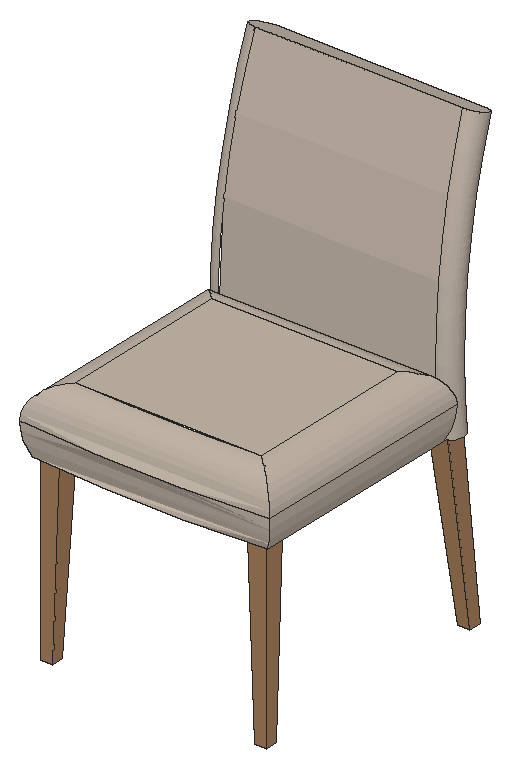
Revit family "Furniture_Chair_PALM BEACH 1.0", category Furniture, Revit 2020
Family settings
  OmniClass Number = 23.21.23.15.17
  Work Plane-Based = Yes
  Always vertical = No
  Cut with Voids When Loaded = No
  Shared = No
  Room Calculation Point = No
Parameters (values of type "PALM BEACH 1.0")
  Youtube clip = ""
  Uniformat II Description = "Movable Furnishings"
  Uniformat II Code = ""
  Uniclass 2015 Name = ""
  Uniclass 2015 Code = ""
  Uniclass 2.0 Description = ""
  Uniclass 2.0 Code = ""
  Uniclass 1.4 Description = ""
  Uniclass 1.4 Code = ""
  UNSPSC Code = ""
  Technical description = ""
  Shell Material = Fabric - Gravity - Wheat CPC21
  Frame Material = Wood - Beech - Light Walnut
  Region South America = "All"
  Region Oceania = "All"
  Region North America = "All"
  Region Middle East = "All"
  Region Europe = "All"
  Region Asia = "All"
  Region Antarctica = "All"
  Region Africa = "All"
  QR code = "https://www.sandlerseating.com/product/palm-beach-1-0/"
  Product url = "https://www.sandlerseating.com/product/palm-beach-1-0/"
  Product name = "PALM BEACH 1.0"
  Product group = "Chair"
  Product family = "Furniture"
  Product data url = "https://www.sandlerseating.com/product/palm-beach-1-0/"
  Product certification = ""
  Product SKU = "??"
  Product Guid = "??"
  OmniClass Description = ""
  OmniClass Code = "23-21 23 15 17"
  NBS Reference Description = ""
  NBS Reference Code = ""
  Model = "PALM BEACH 1.0"
  Masterformat 2014 Description = "Chair Mats"
  Masterformat 2014 Code = "12 48 43.13"
  Manufacturer name = "Sandler"
  Manufacturer country = "USA"
  Manufacturer = "Sandler"
  Installation instructions = ""
  IFC Classification = "Furnishing Element"
  GTIN code = ""
  Edition number = 1
  Design country = "Brasil"
  Description = "Chair"
  Default Elevation = 0.000 mm
  Date of publishing = ""
  COBIe Type Category = ""
  Brand url = "https://www.sandlerseating.com/"
  BIMobject main category code = "furniture"
  BIMobject main category = "Furniture"
  BIMobject category code = "furniture-chair"
  BIMobject category = "Chair"
Reference planes
  plane 1 "Center Front/Back": y = 0
  plane 2: z = 0
  plane 3 "Center Left/Right": x = 0
Forms (mm)
  SweptBlend 1, solid, material "Fabric - Gravity - Wheat CPC21" <- "Shell Material"
    path origin (0.021, 12.403, 0) x (0, 1, 0) y (0, 0, 1)
      loop
        arc (318.429, 896.679) -> (247.467, 629.178) -> (238.058, 352.583) r 1230.984
    profile origin (0.021, 330.832, 896.679) x (0, 0.931619, -0.363437) y (1, 0, 0)
      loop
        line (20.402, -204.626) -> (20.402, 207.874)
        arc (20.402, 207.874) -> (-7.098, 235.374) -> (-34.598, 207.874) r 27.5
        line (-34.598, 207.874) -> (-34.598, -204.626)
        arc (-34.598, -204.626) -> (-7.098, -232.126) -> (20.402, -204.626) r 27.5
    end profile origin (0.021, 250.46, 352.583) x (0, 0.996909, 0.078564) y (1, 0, 0)
      loop
        line (25.645, -219.109) -> (25.645, 221.86)
        arc (25.645, 221.86) -> (-0.624, 248.13) -> (-26.894, 221.86) r 26.27
        line (-26.894, 221.86) -> (-26.894, -219.109)
        arc (-26.894, -219.109) -> (-0.624, -245.379) -> (25.645, -219.109) r 26.27
  Extrusion 2, solid, material "Fabric - Gravity - Wheat CPC21" <- "Shell Material"
    sketch origin (0.021, 12.403, 840) x (-1, 0, 0) y (0, -1, 0)
      loop
        line (248.589, -218.746) -> (248.589, 242.183)
        arc (248.589, 242.183) -> (0.023, 254.709) -> (-248.589, 243.132) r 2569.886
        line (-248.589, 243.132) -> (-248.589, -218.746) -> (248.589, -218.746)
    from -479.2 to -350.103
  Sweep 3, void
    path in 3D
      loop
        line (-248.569, -229.781, 489.897) -> (-248.569, 231.149, 489.897) -> (248.61, 231.149, 489.897) -> (248.61, -230.73, 489.897)
        arc (248.61, -230.73, 489.897) -> (-0.002, -242.307, 489.897) -> (-248.569, -229.781, 489.897) r 2569.886
    profile origin (-0.002, -242.307, 489.897) x (-0.001909, -0.999998, 0) y (0, 0, 1)
      loop
        arc (-64.548, 0) -> (-18.906, -18.906) -> (0, -64.548) r 64.548
        arc (0, -64.548) -> (-3.774, -97.671) -> (-14.902, -129.096) r 147.246
        line (-14.902, -129.096) -> (25.452, -129.096) -> (25.452, 0) -> (-64.548, 0)
  Blend 4, solid, material "Wood - Beech - Light Walnut" <- "Frame Material"
    base sketch origin (11.479, 25.171, 840) x (-1, 0, 0) y (0, -1, 0)
      loop
        line (235.546, 195.254) -> (235.546, 234.079) -> (197.379, 234.079) -> (197.379, 195.254) -> (235.546, 195.254)
    top sketch origin (11.479, 25.171, 840) x (-1, 0, 0) y (0, -1, 0)
      loop
        line (212.008, 210.203) -> (235.546, 210.203) -> (235.546, 234.079) -> (212.008, 234.079) -> (212.008, 210.203)
    from -479.2 to -840
  Blend 5, solid, material "Wood - Beech - Light Walnut" <- "Frame Material"
    base sketch origin (-11.438, 25.171, 840) x (1, 0, 0) y (0, 1, 0)
      loop
        line (235.546, -195.254) -> (197.379, -195.254) -> (197.379, -234.079) -> (235.546, -234.079) -> (235.546, -195.254)
    top sketch origin (-11.438, 25.171, 840) x (1, 0, 0) y (0, 1, 0)
      loop
        line (212.008, -210.203) -> (212.008, -234.079) -> (235.546, -234.079) -> (235.546, -210.203) -> (212.008, -210.203)
    from -479.2 to -840
  Blend 6, solid, material "Wood - Beech - Light Walnut" <- "Frame Material"
    base sketch origin (0.021, 12.403, 840) x (-1, 0, 0) y (0, -1, 0)
      loop
        line (197.378, -213.052) -> (197.378, -251.878) -> (235.545, -251.878) -> (235.545, -213.052) -> (197.378, -213.052)
    top sketch origin (0.021, 12.403, 840) x (-1, 0, 0) y (0, -1, 0)
      loop
        line (235.545, -291.791) -> (235.545, -268.262) -> (211.722, -268.262) -> (211.722, -291.791) -> (235.545, -291.791)
    from -478.581 to -840
  Blend 7, solid, material "Wood - Beech - Light Walnut" <- "Frame Material"
    base sketch origin (0.021, 12.403, 840) x (1, 0, 0) y (0, 1, 0)
      loop
        line (197.378, 213.052) -> (235.545, 213.052) -> (235.545, 251.878) -> (197.378, 251.878) -> (197.378, 213.052)
    top sketch origin (0.021, 12.403, 840) x (1, 0, 0) y (0, 1, 0)
      loop
        line (235.545, 291.791) -> (211.722, 291.791) -> (211.722, 268.262) -> (235.545, 268.262) -> (235.545, 291.791)
    from -478.581 to -840
  Extrusion 8, void
    sketch origin (0.021, 12.403, 0) x (0, 1, 0) y (0, 0, 1)
      loop
        line (185.776, 360.8) -> (185.776, 345.8) -> (275.776, 345.8) -> (275.776, 360.8) -> (185.776, 360.8)
    from -259.065 to 259.553
Cuts and joins
  Sweep 3 cuts Extrusion 2
  Extrusion 8 cuts SweptBlend 1
Lines and regions (mm)
  sketch lines
    curve 1: arc (248.61, -230.73, 489.897) -> (-0.002, -242.307, 489.897) -> (-248.569, -229.781, 489.897) r 2569.886
    curve 2: line (248.61, -230.73, 489.897) -> (248.61, 231.149, 489.897)
    curve 3: line (248.61, 231.149, 489.897) -> (-248.569, 231.149, 489.897)
    curve 4: line (-248.569, 231.149, 489.897) -> (-248.569, -229.781, 489.897)
Dimensions and locks
  aligned and locked: level to plane 2
